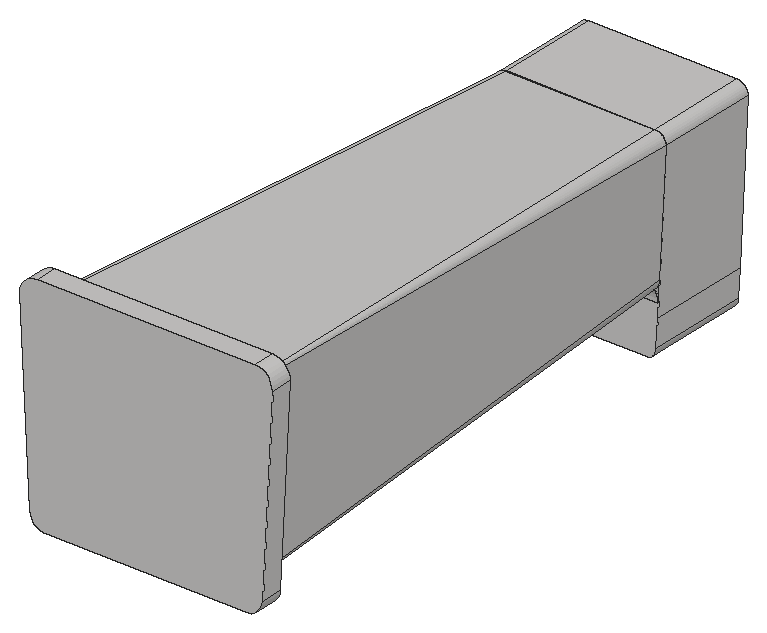
Revit family "S-1568", category Plumbing Fixtures, host Wall, Revit 2023
Family settings
  Host = Wall
  Round Connector Dimension = Use Diameter
  Part Type = Normal
  OmniClass Number = 23.45.00.00
  OmniClass Title = Sanitary, Laundry, and Cleaning Equipment
  Enable Cutting in Views = No
  Always vertical = Yes
  Cut with Voids When Loaded = No
  Maintain Annotation Orientation = No
  Shared = No
  Room Calculation Point = No
Parameters
  Default Elevation = 0' - 0"
Reference planes (in)
  plane 1: y = 0
  plane 2 "Center (Left/Right)": x = -0.47711
  plane 3 "Back": y = 3
  plane 4: z = 36
  plane 5: x = 0.64789
  plane 6: x = -1.60211
  plane 7: z = 37
  plane 8: z = 35
  plane 9: z = 34.8125
  plane 10: y = 8.75
Forms (in)
  Extrusion 1, solid, material "1.Metal Finish"
    sketch origin (-60, 3, 0) x (-1, 0, 0) y (0, 0, 1)
      loop
        arc (-60.55822, 35.13284) -> (-60.50995, 35.0381) -> (-60.41069, 35) r 0.14835
        line (-60.41069, 35) -> (-58.63509, 35)
        arc (-58.63509, 35) -> (-58.53583, 35.0381) -> (-58.48756, 35.13284) r 0.14835
        line (-58.48756, 35.13284) -> (-58.39789, 36.84383)
        arc (-58.39789, 36.84383) -> (-58.44363, 36.95426) -> (-58.55406, 37) r 0.15617
        line (-58.55406, 37) -> (-60.49172, 37)
        arc (-60.49172, 37) -> (-60.60215, 36.95426) -> (-60.64789, 36.84383) r 0.15617
        line (-60.64789, 36.84383) -> (-60.55822, 35.13284)
    from 0 to 0.19771
  Blend 2, solid, material "1.Metal Finish"
    base sketch origin (-60, 3, 0) x (-1, 0, 0) y (0, 0, 1)
      loop
        line (-60.46373, 36.82365) -> (-60.37885, 35.20406)
        arc (-60.37885, 35.20406) -> (-60.36315, 35.17545) -> (-60.33256, 35.16406) r 0.04678
        line (-60.33256, 35.16406) -> (-58.68197, 35.16406)
        arc (-58.68197, 35.16406) -> (-58.65138, 35.17545) -> (-58.63568, 35.20406) r 0.04678
        line (-58.63568, 35.20406) -> (-58.55177, 36.8051)
        arc (-58.55177, 36.8051) -> (-58.57192, 36.82759) -> (-58.60094, 36.83594) r 0.05461
        line (-58.60094, 36.83594) -> (-60.42922, 36.83594)
        arc (-60.42922, 36.83594) -> (-60.44754, 36.83277) -> (-60.46373, 36.82365) r 0.05461
    top sketch origin (-60, 3, 0) x (-1, 0, 0) y (0, 0, 1)
      loop
        line (-58.86182, 36.64844) -> (-60.18396, 36.64844)
        arc (-60.18396, 36.64844) -> (-60.25226, 36.62015) -> (-60.28054, 36.55185) r 0.09659
        line (-60.28054, 36.55185) -> (-60.22285, 35.45095)
        arc (-60.22285, 35.45095) -> (-60.18673, 35.38007) -> (-60.11246, 35.35156) r 0.11099
        line (-60.11246, 35.35156) -> (-58.93637, 35.35156)
        arc (-58.93637, 35.35156) -> (-58.85995, 35.3809) -> (-58.82278, 35.45383) r 0.11421
        line (-58.82278, 35.45383) -> (-58.76524, 36.55185)
        arc (-58.76524, 36.55185) -> (-58.79353, 36.62015) -> (-58.86182, 36.64844) r 0.09659
    from 0.19771 to 4.83637
  Extrusion 3, solid, material "1.Metal Finish"
    sketch origin (-60, 3, 0) x (-1, 0, 0) y (0, 0, 1)
      loop
        line (-60.20711, 35.15058) -> (-60.19402, 34.90092)
        arc (-60.19402, 34.90092) -> (-60.16813, 34.8384) -> (-60.1056, 34.8125) r 0.08842
        line (-60.1056, 34.8125) -> (-59.52289, 34.8125) -> (-58.94018, 34.8125)
        arc (-58.94018, 34.8125) -> (-58.88102, 34.83521) -> (-58.85224, 34.89168) r 0.08842
        line (-58.85224, 34.89168) -> (-58.76524, 36.55185)
        arc (-58.76524, 36.55185) -> (-58.79353, 36.62015) -> (-58.86182, 36.64844) r 0.09659
        line (-58.86182, 36.64844) -> (-60.18396, 36.64844)
        arc (-60.18396, 36.64844) -> (-60.25226, 36.62015) -> (-60.28054, 36.55185) r 0.09659
        line (-60.28054, 36.55185) -> (-60.20711, 35.15058)
    from 4.83637 to 5.75
  Extrusion 4, solid, material "1.Metal Finish"
    sketch origin (-0.47711, 0.1204, 0.10227) x (0, 1, 0) y (0, 0, 1)
      loop
        line (7.71596, 35.17268) -> (7.71596, 35.35156) -> (7.53919, 35.34945)
        arc (7.53919, 35.34945) -> (7.66419, 35.29768) -> (7.71596, 35.17268) r 0.17678
    from -0.69608 to 0.69031
Text (in)
  text "Placement Side" at (0, 40.15149, 123.01588), in view "Right"
  text "Placement Side" at (-70.3804, 45.82615, 0), in view "Ref. Level"
  text "Placement Side" at (0, 47.49176, 113.10569), in view "Left"
Dimensions and locks (in)
  locked: plane 3 "Back" to host wall
  plane 10 to host wall = 0' - 5 3/4"
  plane 6 to plane 5 = 0' - 2 1/4"
  plane 9 to plane 7 = 0' - 2 3/16"
  plane 8 to plane 7 = 0' - 2"
  plane 10 to Extrusion 1 = 0' - 5 3/4"
  plane 7 to plane 9 = 0' - 2 3/16"
